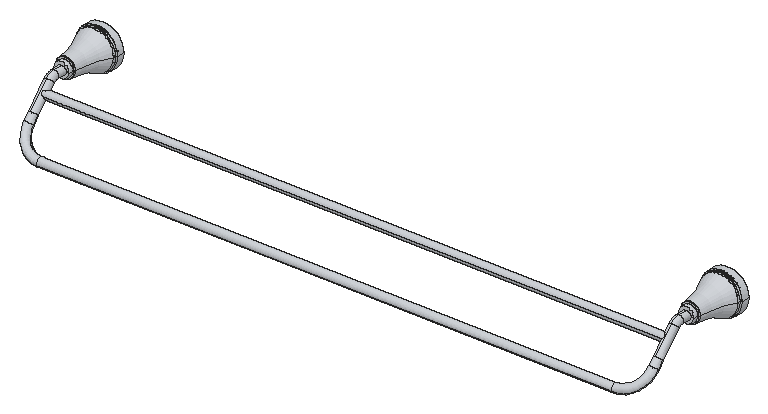
Revit family "Reece_Accessory_Kado_Era_Double Towel Rail", category Plumbing Fixtures, Revit 2018
Family settings
  Round Connector Dimension = Use Diameter
  Part Type = Normal
  Work Plane-Based = Yes
  Always vertical = Yes
  Cut with Voids When Loaded = Yes
  Shared = Yes
  Room Calculation Point = Yes
Parameters (values of type "750 mm_Brushed Nickel")
  URL = "https://www.reece.com.au/product/-9512115"
  Type Comments = "Accessory"
  Reece_Product_Web Page = "https://www.reece.com.au/product/-9512115"
  Reece_Product_Type = "Accessory"  # constant formula
  Reece_Product_Sub Brand = "Era"  # constant formula
  Reece_Product_Number = "9512115"
  Reece_Product_Mount = "Wall Mounted"
  Reece_Product_Description = "Kado Era Double Towel Rail 750mm Brushed Nickel"
  Reece_Product_Brand = "Kado"  # constant formula
  Reece_Material_Main = Reece_Brass_Brushed Nickel
  Reece_Height_From_Level [instance] = 1000.000 mm
  Reece_Fixing_Point_Width = 750.000 mm
  Reece_Detail_Installation = "Wall Mounted"  # constant formula
  Reece_Detail_Disclaimer = "THIS FILE IS THE PROPERTY OF THE REECE GROUP. IT MAY NOT BE REPRODUCED, REVERSE-ENGINEERED OR MODIFIED. ANY REPUBLICATION, TRANSMISSION OR DISTRIBUTION FOR THE PURPOSE OF COMMERCIALLY EXPLOITING THE FILES IS PROHIBITED."  # constant formula
  Reece_Detail_Additional = "Double Towel Rail"  # constant formula
  Reece_Backplate_Diameter = 50.000 mm  # constant formula
  Reece_Accessory_Projection = 136.000 mm  # constant formula
  Model = "Era"
  Manufacturer = "Kado"
  Keynote = "Product #9512115, Reece_Accessory_Kado_Era_Double Towel Rail - 750 mm_Brushed Nickel"
  Disclaimer = "THIS FILE IS THE PROPERTY OF THE REECE GROUP. IT MAY NOT BE REPRODUCED, REVERSE-ENGINEERED OR MODIFIED. ANY REPUBLICATION, TRANSMISSION OR DISTRIBUTION FOR THE PURPOSE OF COMMERCIALLY EXPLOITING THE FILES IS PROHIBITED."  # constant formula
  Description = "Kado Era Double Towel Rail 750mm Brushed Nickel"
  Default Elevation = 0.000 mm
Types (14, lengths in mm): name | URL | Reece_Product_Web Page | Reece_Product_Number | Reece_Product_Description | Reece_Material_Main | Reece_Fixing_Point_Width | Keynote | Description
  750 mm_Chrome | "https://www.reece.com.au/product/-9507721" | "https://www.reece.com.au/product/-9507721" | "9507721" | "Kado Era Double Towel Rail 750mm Chrome" | Reece_Brass_Chrome | 750.000 | "Product #9507721, Reece_Accessory_Kado_Era_Double Towel Rail - 750 mm_Chrome" | "Kado Era Double Towel Rail 750mm Chrome"
  750 mm_Matte Black | "https://www.reece.com.au/product/-2263720" | "https://www.reece.com.au/product/-2263720" | "2263720" | "Kado Era Double Towel Rail 750mm Matte Black" | Reece_Brass_Matte Black | 750.000 | "Product #2263720, Reece_Accessory_Kado_Era_Double Towel Rail - 750 mm_Matte Black" | "Kado Era Double Towel Rail 750mm Matte Black"
  900 mm_Brass Gold | "https://www.reece.com.au/product/-9507722" | "https://www.reece.com.au/product/-9507722" | "9507722" | "Kado Era Double Towel Rail 900mm Brass Gold" | Reece_Brass_Gold | 900.000 | "Product #9507722, Reece_Accessory_Kado_Era_Double Towel Rail - 900 mm_Brass Gold" | "Kado Era Double Towel Rail 900mm Brass Gold"
  750 mm_Brass Gold | "https://www.reece.com.au/product/-9507720" | "https://www.reece.com.au/product/-9507720" | "9507720" | "Kado Era Double Towel Rail 750mm Brass Gold" | Reece_Brass_Gold | 750.000 | "Product #9507720, Reece_Accessory_Kado_Era_Double Towel Rail - 750 mm_Brass Gold" | "Kado Era Double Towel Rail 750mm Brass Gold"
  900 mm_Chrome | "https://www.reece.com.au/product/-9507723" | "https://www.reece.com.au/product/-9507723" | "9507723" | "Kado Era Double Towel Rail 900mm Chrome" | Reece_Brass_Chrome | 900.000 | "Product #9507723, Reece_Accessory_Kado_Era_Double Towel Rail - 900 mm_Chrome" | "Kado Era Double Towel Rail 900mm Chrome"
  300 mm_Chrome | "https://www.reece.com.au/product/-9507726" | "https://www.reece.com.au/product/-9507726" | "9507726" | "Kado Era Double Towel Rail 300mm Chrome" | Reece_Brass_Chrome | 300.000 | "Product #9507726, Reece_Accessory_Kado_Era_Double Towel Rail - 300 mm_Chrome" | "Kado Era Double Towel Rail 300mm Chrome"
  300 mm_Matte Black | "https://www.reece.com.au/product/-2263718" | "https://www.reece.com.au/product/-2263718" | "2263718" | "Kado Era Double Towel Rail 300mm Matte Black" | Reece_Brass_Matte Black | 300.000 | "Product #2263718, Reece_Accessory_Kado_Era_Double Towel Rail - 300 mm_Matte Black" | "Kado Era Double Towel Rail 300mm Matte Black"
  600 mm_Brass Gold | "https://www.reece.com.au/product/-9507718" | "https://www.reece.com.au/product/-9507718" | "9507718" | "Kado Era Double Towel Rail 600mm Brass Gold" | Reece_Brass_Gold | 600.000 | "Product #9507718, Reece_Accessory_Kado_Era_Double Towel Rail - 600 mm_Brass Gold" | "Kado Era Double Towel Rail 600mm Brass Gold"
  600 mm_Chrome | "https://www.reece.com.au/product/-9507719" | "https://www.reece.com.au/product/-9507719" | "9507719" | "Kado Era Double Towel Rail 600mm Chrome" | Reece_Brass_Chrome | 600.000 | "Product #9507719, Reece_Accessory_Kado_Era_Double Towel Rail - 600 mm_Chrome" | "Kado Era Double Towel Rail 600mm Chrome"
  600 mm_Matte Black | "https://www.reece.com.au/product/-2263719" | "https://www.reece.com.au/product/-2263719" | "2263719" | "Kado Era Double Towel Rail 600mm Matte Black" | Reece_Brass_Matte Black | 600.000 | "Product #2263719, Reece_Accessory_Kado_Era_Double Towel Rail - 600 mm_Matte Black" | "Kado Era Double Towel Rail 600mm Chrome"
  300 mm_Brushed Nickel | "https://www.reece.com.au/product/-9512113" | "https://www.reece.com.au/product/-9512113" | "9512113" | "Kado Era Double Towel Rail 300mm Brushed Nickel" | Reece_Brass_Brushed Nickel | 300.000 | "Product #9512113, Reece_Accessory_Kado_Era_Double Towel Rail - 300 mm_Brushed Nickel" | "Kado Era Double Towel Rail 300mm Brushed Nickel"
  600 mm_Brushed Nickel | "https://www.reece.com.au/product/-9512114" | "https://www.reece.com.au/product/-9512114" | "9512114" | "Kado Era Double Towel Rail 600mm Brushed Nickel" | Reece_Brass_Brushed Nickel | 600.000 | "Product #9512114, Reece_Accessory_Kado_Era_Double Towel Rail - 600 mm_Brushed Nickel" | "Kado Era Double Towel Rail 600mm Brushed Nickel"
  750 mm_Brushed Nickel | "https://www.reece.com.au/product/-9512115" | "https://www.reece.com.au/product/-9512115" | "9512115" | "Kado Era Double Towel Rail 750mm Brushed Nickel" | Reece_Brass_Brushed Nickel | 750.000 | "Product #9512115, Reece_Accessory_Kado_Era_Double Towel Rail - 750 mm_Brushed Nickel" | "Kado Era Double Towel Rail 750mm Brushed Nickel"
  900 mm_Brushed Nickel | "https://www.reece.com.au/product/-9512116" | "https://www.reece.com.au/product/-9512116" | "9512116" | "Kado Era Double Towel Rail 900mm Brushed Nickel" | Reece_Brass_Brushed Nickel | 900.000 | "Product #9512116, Reece_Accessory_Kado_Era_Double Towel Rail - 900 mm_Brushed Nickel" | "Kado Era Double Towel Rail 900mm Brushed Nickel"
Reference planes
  plane 1 "Center (Front/Back)": y = 0
  plane 2 "Bottom Host Plane": z = -5
  plane 3 "Center (Left/Right)": x = 0
  plane 4 "Height From Floor": z = 1000
  plane 5 "Top": z = 1025
  plane 6: y = -136
  plane 7 "a": x = -375
  plane 8 "b": x = 375
  plane 9 "f": x = 375
  plane 10 "g": x = -375
  plane 11: z = 986.999
  plane 12: z = 941.999
  plane 13: z = 937
  plane 14: y = -89.396
  plane 15: y = -130.396
  plane 16: x = -350
  plane 17: x = -400
Lines and regions (mm)
  model lines, style "InvisibleLines"
    curve 1: line (0, 0, -5) -> (0, 0, 1000)
Text (mm)
  text "Reece ©" at (2668.853, -2395.367, 2952.593), in view "Reece Preview"
  text "Reece Copyright © 2018, Reece Ltd." at (-247.475, -190.626, 0), in view "Ref. Level"
Dimensions and locks
  plane 2 "Bottom Host Plane" to level = 5.000 mm
  locked: level to plane 2 "Bottom Host Plane" at 5
  "Reece_Height_From_Level": plane 4 "Height From Floor" to level
  equal spacing: plane 7 "a", plane 3 "Center (Left/Right)", plane 8 "b"
  "Reece_Accessory_Projection": plane 6 to plane 1 "Center (Front/Back)"
  "Reece_Fixing_Point_Width": plane 7 "a" to plane 8 "b"
  "Reece_Fixing_Point_Width": plane 10 "g" to plane 9 "f"
  equal spacing: plane 9 "f", plane 3 "Center (Left/Right)", plane 10 "g"
  plane 11 to plane 12 = 45.000 mm
  plane 15 to plane 14 = 41.000 mm
  "Reece_Backplate_Diameter": plane 17 to plane 16
  plane 4 "Height From Floor" to plane 13 = 63.000 mm
  "Reece_Accessory_Projection": plane 6 to curve 1
  equal spacing: plane 17, plane 10 "g", plane 16, locked at 25 each
  aligned and locked: plane 2 "Bottom Host Plane" to curve 1
  aligned and locked: plane 4 "Height From Floor" to curve 1
  aligned and locked: plane 3 "Center (Left/Right)" to nested 1
  aligned and locked: plane 4 "Height From Floor" to nested 1
Automatic sketch dimensions
  curve 1 to plane 3 "Center (Left/Right)" = 0.000 mm
Nested families
  nested 1: "Reece_Accessory_Kado_Era_Double Towel Rail_Nested" at (0, 0, 937), Reece_Material_Main <- "Reece_Material_Main", Reece_Fixing_Point_Width <- "Reece_Fixing_Point_Width", type "Reece_Accessory_Kado_Era_Double Towel Rail_Nested"
    with Reece_Material_Main Reece_Brass_Brushed Nickel, Reece_Fixing_Point_Width 750.000 mm
Definition of nested family "Reece_Accessory_Kado_Era_Double Towel Rail_Nested"
  Parameters (values of type "Reece_Accessory_Kado_Era_Double Towel Rail_Nested")
    Reece_Material_Main [instance] = none
    Reece_Fixing_Point_Width [instance] = 300.000 mm
    Default Elevation = 0.000 mm
  Reference planes
    plane 1 "Center (Front/Back)": y = 0
    plane 2 "Bottom Host Plane": z = 0
    plane 3 "Center (Left/Right)": x = 0
    plane 4 "Height From Floor": z = 63
    plane 5 "Bottom": z = 0
    plane 6: y = -136
    plane 7 "a": x = -150
    plane 8 "b": x = 150
    plane 9 "d": z = 50
    plane 10 "f": z = 5
    plane 11: y = -89.396
    plane 12: y = -130.396
  Forms (mm)
    Revolve 1, solid, material <- "Reece_Material_Main"
      sketch origin (0, 0, 63) x (-1, 0, 0) y (0, -1, 0)
        loop
          line (-175, 0) -> (-150, 0) -> (-150, 61.65) -> (-158.9, 61.65)
          arc (-158.9, 61.65) -> (-159.45, 58.925) -> (-158.9, 56.2) r 7.026
          line (-158.9, 56.2) -> (-161, 56.2) -> (-161, 54.7) -> (-161.925, 54.7)
          arc (-161.925, 54.7) -> (-164.94, 33.044) -> (-173.2, 12.8) r 88
          line (-173.2, 12.8) -> (-173.2, 10.5) -> (-174.2, 10.5) -> (-174.2, 8.5) -> (-175, 8.5) -> (-175, 0)
        axis (-150, 0) -> (-150, 61.65)
      angle from 0 to 360
    Revolve 2, solid, material <- "Reece_Material_Main"
      sketch origin (0, 0, 63) x (1, 0, 0) y (0, -1, 0)
        loop
          line (-175, 0) -> (-150, 0) -> (-150, 61.65) -> (-158.9, 61.65)
          arc (-158.9, 61.65) -> (-159.45, 58.925) -> (-158.9, 56.2) r 7.026
          line (-158.9, 56.2) -> (-161, 56.2) -> (-161, 54.7) -> (-161.925, 54.7)
          arc (-161.925, 54.7) -> (-164.94, 33.044) -> (-173.2, 12.8) r 88
          line (-173.2, 12.8) -> (-173.2, 10.5) -> (-174.2, 10.5) -> (-174.2, 8.5) -> (-175, 8.5) -> (-175, 0)
        axis (-150, 0) -> (-150, 61.65)
      angle from 0 to 360
    Sweep 3, solid, material <- "Reece_Material_Main"
      path origin (0, 48.834, 63) x (-1, 0, 0) y (0, -1, 0)
        loop
          line (150, 138.23) -> (-150, 138.23)
      profile origin (0, -89.396, 63) x (0, 1, 0) y (0, 0, 1)
        loop
          circle (0, -13) r 4.8
    Sweep 4, solid, material <- "Reece_Material_Main"
      path origin (0, -84.935, 147.629) x (-1, 0, 0) y (0, -0.678856, -0.734271)
        loop
          line (150, 96) -> (150, 106)
          arc (150, 106) -> (141.213, 127.213) -> (120, 136) r 30
          line (120, 136) -> (-120, 136)
          arc (-120, 136) -> (-141.213, 127.213) -> (-150, 106) r 30
          line (-150, 106) -> (-150, 96)
      profile origin (0, -177.259, 47.768) x (0, 0.678856, 0.734271) y (0, -0.734271, 0.678856)
        loop
          circle (0, -63) r 5
    Sweep 5, solid, material <- "Reece_Material_Main"
      path origin (150, 0.202, 0.339) x (0, -0.999992, -0.003884) y (0, -0.003884, 0.999992)
        loop
          line (107.585, 30.496) -> (80.316, 59.762)
          arc (80.316, 59.762) -> (76.972, 62.122) -> (72.961, 62.944) r 10
          line (72.961, 62.944) -> (61.608, 62.9)
      profile origin (150, -93.923, 45.103) x (0, -0.734271, 0.678856) y (1, 0, 0)
        loop
          circle (0, 0) r 5
    Sweep 6, solid, material <- "Reece_Material_Main"
      path origin (-150, 0, 0) x (0, -1, 0) y (0, 0, 1)
        loop
          line (107.501, 30.418) -> (80.346, 59.789)
          arc (80.346, 59.789) -> (77.011, 62.162) -> (73.004, 63) r 10
          line (73.004, 63) -> (61.65, 63)
      profile origin (-150, -93.923, 45.103) x (0, 0.734271, -0.678856) y (-1, 0, 0)
        loop
          circle (0, 0) r 5
  Cuts and joins
    joined: Sweep 3, Sweep 4, Sweep 5, Sweep 6
  Text (mm)
    text "Reece ©" at (2668.853, -2395.367, 2952.593), in view "Reece Preview"
    text "Reece Copyright © 2018, Reece Ltd." at (-247.475, -190.626, 0), in view "Ref. Level"
  Dimensions and locks
    plane 2 "Bottom Host Plane" to level = 0.000 mm
    level to plane 2 "Bottom Host Plane" = 0.000 mm
    equal spacing: plane 7 "a", plane 3 "Center (Left/Right)", plane 8 "b"
    "Reece_Fixing_Point_Width": plane 7 "a" to plane 8 "b"
    plane 1 "Center (Front/Back)" to plane 6 = 136.000 mm
    plane 9 "d" to plane 10 "f" = 45.000 mm
    plane 7 "a" to plane 8 "b" = 300.000 mm
    aligned and locked: plane 7 "a" to Revolve 2 sketch curve
    aligned and locked: Revolve 1 sketch curve to plane 8 "b"
    aligned and locked: plane 8 "b" to Sweep 3 sketch curve
    aligned and locked: plane 7 "a" to Sweep 3 sketch curve
    aligned and locked: Sweep 4 sketch curve to plane 7 "a"
    aligned and locked: plane 8 "b" to Sweep 4 sketch curve
  Automatic sketch dimensions
    plane 1 "Center (Front/Back)" to Revolve 1 sketch curve = 0.000 mm
    Revolve 1 sketch curve to plane 8 "b" = 0.000 mm
    plane 8 "b" to Revolve 1 sketch curve = 2.424 mm
    Revolve 1 sketch curve to Revolve 1 sketch curve = 6.476 mm
    Revolve 1 sketch curve to Revolve 1 sketch curve = 0.000 mm
    Revolve 1 sketch curve to Revolve 1 sketch curve = 2.100 mm
    Revolve 1 sketch curve to Revolve 1 sketch curve = 0.925 mm
    plane 1 "Center (Front/Back)" to Revolve 1 sketch curve = 10.500 mm
    plane 8 "b" to Revolve 1 sketch curve = 23.200 mm
    Revolve 1 sketch curve to Revolve 1 sketch curve = 1.000 mm
    Revolve 1 sketch curve to Revolve 1 sketch curve = 0.800 mm
    plane 11 to Revolve 1 sketch curve = 33.485 mm
    Revolve 1 sketch curve to Revolve 1 sketch curve = 87.992 mm
    Revolve 1 sketch curve to Revolve 1 sketch curve = 2.000 mm
    Revolve 1 sketch curve to Revolve 1 sketch curve = 2.300 mm
    Revolve 1 sketch curve to Revolve 1 sketch curve = 1.500 mm
    Revolve 1 sketch curve to Revolve 1 sketch curve = 2.725 mm
    Revolve 1 sketch curve to plane 1 "Center (Front/Back)" = 12.283 mm
    Revolve 1 sketch curve to Revolve 1 sketch curve = 11.067 mm
    plane 1 "Center (Front/Back)" to Revolve 2 sketch curve = 0.000 mm
    Revolve 2 sketch curve to plane 7 "a" = 0.000 mm
    Revolve 2 sketch curve to plane 7 "a" = 2.424 mm
    Revolve 2 sketch curve to Revolve 2 sketch curve = 6.476 mm
    Revolve 2 sketch curve to Revolve 2 sketch curve = 0.000 mm
    Revolve 2 sketch curve to Revolve 2 sketch curve = 2.100 mm
    Revolve 2 sketch curve to Revolve 2 sketch curve = 0.925 mm
    Revolve 2 sketch curve to plane 1 "Center (Front/Back)" = 10.500 mm
    Revolve 2 sketch curve to plane 7 "a" = 23.200 mm
    Revolve 2 sketch curve to Revolve 2 sketch curve = 1.000 mm
    Revolve 2 sketch curve to Revolve 2 sketch curve = 0.800 mm
    Revolve 2 sketch curve to plane 11 = 33.485 mm
    Revolve 2 sketch curve to Revolve 2 sketch curve = 76.717 mm
    Revolve 2 sketch curve to Revolve 2 sketch curve = 2.000 mm
    Revolve 2 sketch curve to Revolve 2 sketch curve = 2.300 mm
    Revolve 2 sketch curve to Revolve 2 sketch curve = 1.500 mm
    Revolve 2 sketch curve to Revolve 2 sketch curve = 2.725 mm
    plane 1 "Center (Front/Back)" to Revolve 2 sketch curve = 12.283 mm
    Revolve 2 sketch curve to Revolve 2 sketch curve = 9.524 mm
    Sweep 3 sketch curve to plane 11 = 0.000 mm
    Sweep 3 sketch curve to profile plane = 0.000 mm
    Sweep 3 sketch curve to plane 4 "Height From Floor" = 13.000 mm
    Sweep 4 sketch curve to Sweep 4 sketch curve = 30.000 mm
    Sweep 4 sketch curve to plane 7 "a" = 30.000 mm
    Sweep 4 sketch curve to Sweep 4 sketch curve = 10.000 mm  (x2)
    profile plane to Sweep 4 sketch curve = 0.000 mm
    Sweep 4 sketch curve to profile plane = 63.000 mm
    Sweep 5 sketch curve to plane 4 "Height From Floor" = 0.000 mm  (x2)
    Sweep 5 sketch curve to plane 11 = 16.393 mm
    Sweep 5 sketch curve to Sweep 5 sketch curve = 0.039 mm
    Sweep 5 sketch curve to Sweep 5 sketch curve = 7.355 mm
    Sweep 5 sketch curve to Sweep 5 sketch curve = 3.183 mm
    Sweep 5 sketch curve to Sweep 5 sketch curve = 11.353 mm
    Sweep 5 sketch curve to Sweep 5 sketch curve = 27.268 mm
    Sweep 5 sketch curve to Sweep 5 sketch curve = 29.265 mm
    Sweep 5 sketch curve to plane 8 "b" = 0.000 mm
    Sweep 5 sketch curve to profile plane = 0.000 mm
    profile plane to Sweep 6 sketch curve = 0.000 mm
    Sweep 6 sketch curve to profile plane = 0.000 mm
    Sweep 6 sketch curve to plane 4 "Height From Floor" = 0.000 mm
    plane 9 "d" to Sweep 6 sketch curve = 3.000 mm
    plane 11 to Sweep 6 sketch curve = 16.393 mm
    Sweep 6 sketch curve to plane 4 "Height From Floor" = 3.211 mm
    Sweep 6 sketch curve to Sweep 6 sketch curve = 11.354 mm
    Sweep 6 sketch curve to plane 11 = 18.104 mm
    Sweep 6 sketch curve to plane 9 "d" = 19.582 mm
    radius of Sweep 3 sketch curve = 4.800 mm
    radius of Sweep 4 sketch curve = 5.000 mm
    radius of Sweep 5 sketch curve = 5.000 mm
    radius of Sweep 6 sketch curve = 5.000 mm
